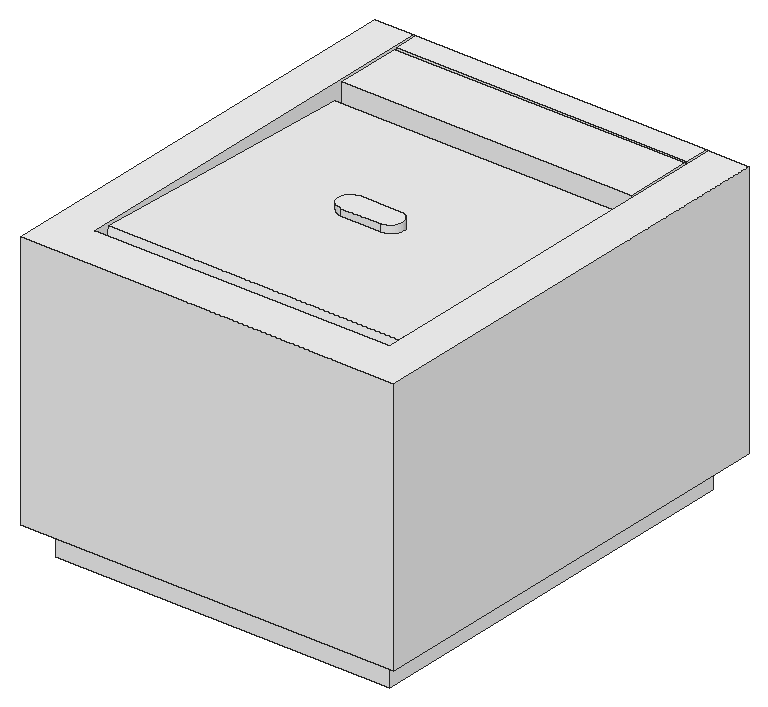
Revit family "Gira_027130", category Electrical Fixtures, host Face, Revit 2017
Family settings
  Host = Face
  Maintain Annotation Orientation = Yes
  Round Connector Dimension = Use Diameter
  Part Type = Normal
  Cut with Voids When Loaded = No
  Shared = No
  Room Calculation Point = No
Parameters (values of type "Hous. centre ins. in.sp. btns Ø 22.5mm WP surface-mounted grey")
  With strain relief = "No"
  With imprint = "No"
  With hinged lid = "No"
  With dust cover = "No"
  White [instance] = White
  Utilization = "Other"
  URL = "http://katalog.gira.de/en/datenblatt.html?artikelnr=027130"
  Type of fastening = "Mounting with claw and screw"
  Transparent = "No"
  Surface protection = "Other"
  Surface finishing = "Not applicable"
  Support ring = "Yes"
  Suitable for degree of protection (IP) = "IP44"
  Name = "Hous. centre ins. in.sp. btns Ø 22.5mm WP surface-mounted grey"
  Mounting method = "Surface mounted (plaster)"
  Material quality = "Other"
  Material = "Plastic"
  Manufacturer URL = "https://www.gira.de/"
  Manufacturer = "Gira"
  Luster terminal = "No"
  Imprintable label = "With indication plate"
  HeinzeBIM = "https://bimportal.heinze.de/bim/hous-centre-ins-in-sp-btns-22-5mm-wp-surface-mounted-grey/f960626287c12fd2e0a91be25b0a4b923aab66ab"
  Halogen free = "Yes"
  HAN = "027130"
  GTIN = "4010337271307"
  Description = "Hous.cent.in.sp.btns D22.5mm WP SM GY,Housing with yellow centre insert and inscription space; accepts push-buttons and mushroom buttons ( 22.5 mm diameter),,yellow,Features:,- For emergency stop or emergency off."
  Default Elevation = 1219.2 mm
  Data sheet (1) = "https://katalog.gira.de/en/download.html?artikelnr=027130"
  Colour = "Grey"
  Category = "Insert/cover for communication technology"
  BIM (1) = "https://media.stage.bim.site/public/gira/36a6b08/IP44_Komplettgerät_Schalten und Tasten.rfa?public/gira/36a6b08/IP44_Komplettgerät_Schalten und Tasten.rfa"
  Available = "No"
  Assembly arrangement = "Basic element with complete housing"
Reference planes
  plane 1 "Center (Front/Back)": y = 0
  plane 2: z = 0
  plane 3 "Center (Left/Right)": x = 0
  plane 4: x = 30
  plane 5: x = -30
  plane 6: z = 41.4
Forms (mm)
  Extrusion 1, solid, material "White" <- "White", detail levels medium+fine
    sketch origin (0, 0, 0) x (1, 0, 0) y (0, 1, 0)
      loop
        line (-34, 41) -> (-34, -41) -> (34, -41) -> (34, 41) -> (-34, 41)
    from 0 to -6.2
  Extrusion 2, solid, material "White" <- "White", detail levels medium+fine
    sketch origin (0, 0, 0) x (1, 0, 0) y (0, 1, 0)
      loop
        line (-38, 45) -> (-38, -45) -> (38, -45) -> (38, 45) -> (-38, 45)
    from 0 to 52.4
  Extrusion 3, void
    sketch origin (0, 0, 0) x (1, 0, 0) y (0, 0, 1)
      loop
        line (-30, 59.413) -> (-30, 41.4) -> (30, 41.4) -> (30, 59.413) -> (-30, 59.413)
    from 36 to -113.06
  Extrusion 4, solid, material "White" <- "White", detail levels medium
    sketch origin (225, 0, 0) x (1, 0, 0) y (0, 1, 0)
      loop
        line (-254.5, 44.5) -> (-254.5, -35.5) -> (-195.5, -35.5) -> (-195.5, 44.5) -> (-254.5, 44.5)
    from 41.4 to 52.4
  Extrusion 5, solid, material "White" <- "White", detail levels fine
    sketch origin (0, 0, 0) x (1, 0, 0) y (0, 1, 0)
      loop
        line (-29.5, 45) -> (-29.5, 40) -> (29.5, 40) -> (29.5, 45) -> (-29.5, 45)
    from 41.4 to 52.4
  Extrusion 6, solid, material "White" <- "White", detail levels fine
    sketch origin (0, 0, 0) x (1, 0, 0) y (0, 1, 0)
      loop
        line (29.5, 39.5) -> (-29.5, 39.5) -> (-29.5, 26) -> (29.5, 26) -> (29.5, 39.5)
    from 41.4 to 52.4
  Extrusion 7, solid, material "White" <- "White", detail levels fine
    sketch origin (0, 0, 0) x (1, 0, 0) y (0, 1, 0)
      loop
        arc (-4, -1) -> (-6.5, -3.5) -> (-4, -6) r 2.5
        line (-4, -6) -> (4, -6)
        arc (4, -6) -> (6.5, -3.5) -> (4, -1) r 2.5
        line (4, -1) -> (-4, -1)
    from 41.4 to 52.4
  Extrusion 8, solid, material "White" <- "White", detail levels coarse
    sketch origin (0, 0, 0) x (1, 0, 0) y (0, 1, 0)
      loop
        line (-38, 46) -> (-38, -45) -> (38, -45) -> (38, 46) -> (-38, 46)
    from -6.2 to 52.4
  Extrusion 9, solid, material "White" <- "White", detail levels medium+fine
    sketch origin (0, 0, 0) x (1, 0, 0) y (0, 0, 1)
      loop
        circle (0, 14) r 3.6
    from -46 to -45
  Extrusion 10, solid, material "White" <- "White", detail levels fine
    sketch origin (0, 0, 0) x (0, 1, 0) y (0, 0, 1)
      loop
        line (-36, 41.4) -> (26, 41.4) -> (24.38, 49.736) -> (-33.115, 52.169) -> (-36, 41.4)
    from -29.5 to 29.5
Cuts and joins
  Extrusion 3 cuts Extrusion 2
Dimensions and locks
  aligned and locked: plane 2 to host face
  aligned and locked: level to host face
  aligned and locked: plane 3 "Center (Left/Right)" to nested 1
  aligned and locked: plane 1 "Center (Front/Back)" to nested 1
Nested families
  nested 1: "Schalter" at (0, 0, 0), type "Schalter"
Connectors
  electrical at (0, 0, -6.2)
    settings: on Extrusion 1, index 1, voltage 224 V, apparent load 0 VA, apparent load phase1 0 VA, apparent load phase2 0 VA, apparent load phase3 0 VA, power factor 1, load classification "Other", number of poles 1, system type 30, power factor state 1, is connector primary yes, connector utility no, sub classification motor no, connector description ""
Definition of nested family "Schalter"
  Reference planes
    plane 1: y = 0
    plane 2: x = 0
  Lines and regions (mm)
    detail lines
      curve 1: circle (1.375, 2.778, 0) r 0.8 normal (0, 0, 1)
      curve 2: line (1.021, 2.061, 0) -> (0, 0, 0)
      curve 3: line (0, 0, 0) -> (-0.538, 0.266, 0)
  Dimensions and locks
    curve 2 to curve 2 = 2.3 mm
    curve 3 to curve 2 = 0.6 mm
    radius of curve 1 = 0.8 mm
